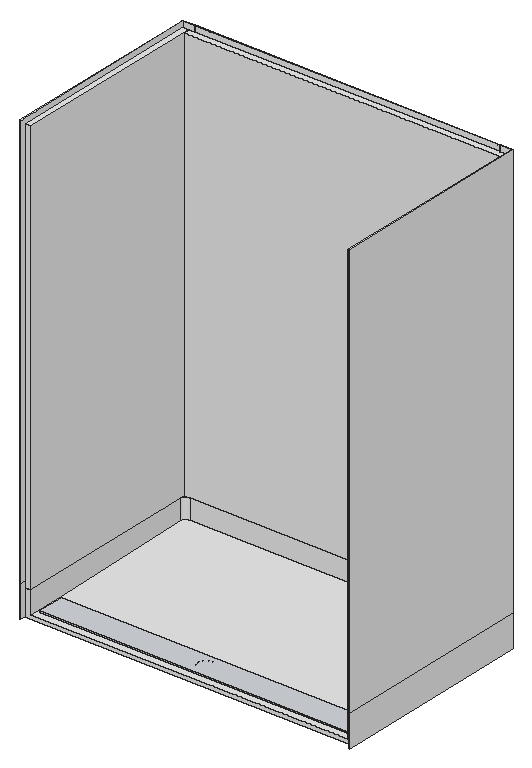
Revit family "5LBS26036FB75FTB.V3,FB2FTB.V3", category Plumbing Fixtures, Revit 2019
Family settings
  Round Connector Dimension = Use Diameter
  Part Type = Normal
  OmniClass Number = 23.45.05.14.17
  OmniClass Title = Showers
  Work Plane-Based = No
  Always vertical = Yes
  Cut with Voids When Loaded = No
  Shared = No
  Room Calculation Point = No
Parameters (values of type "5LBS26036FB75FTB.V3")
  Unit Width = 60"
  Unit Height = 81 1/4"
  Pan Height = 5 3/4"
  Unit Depth = 37"
  URL = "http://www.bestbath.com"
  Type Comments = "Barrier Free"
  Threshold Height = 3/4"
  Model = "5LBS26036FB75FTB.V3"
  Material [instance] = Best Bath Gelcoat Fiberglass - 4x8 Subway Tile
  Manufacturer = "Best Bath Systems, Inc."
  Keynote = "22 40 00.B3"
  Description = "Trench Drain Pan, 4x8 Subway Tile, Beveled Threshold"
  Assembly Code = "D2010710"
Types (3): name | Unit Height | Pan Height | Threshold Height | Model
  (no name) | 81 1/4" | 5 3/4" | 3/4" | "5LBS26036FB75FTB.V3"
  5LBS26036FB75FTB.V3 | 81 1/4" | 5 3/4" | 3/4" | "5LBS26036FB75FTB.V3"
  5LBS26036FB2FTB.V3 | 82 1/2" | 7" | 2" | "5LBS26036FB2FTB.V3"
Reference planes (in)
  plane 1 "Back": y = 6.43613
  plane 2: z = 0
  plane 3 "Left": x = 0
  plane 4: x = 60
  plane 5: z = 4.75
  plane 6: z = 0.75
  plane 7: z = 5.75
  plane 8: x = 30
  plane 9: y = -30.56387
  plane 10: y = -23.31387
  plane 11: z = 1.5
  plane 12: y = -29.56387
  plane 13: y = -25.81387
  plane 14: z = 0.875
  plane 15: y = -25.81387
  plane 16: z = 81.25
  plane 17: z = 80.25
  plane 18: z = 47
Forms (in)
  Extrusion 1, solid, material "Best Bath Gelcoat Fiberglass - Smooth"
    sketch origin (0, 0, 0) x (1, 0, 0) y (0, 1, 0)
      loop
        line (0, 6.43613) -> (0, -30.56387) -> (0.125, -30.56387) -> (0.125, 6.31113) -> (59.875, 6.31113) -> (59.875, -30.56387) -> (60, -30.56387) -> (60, 6.43613) -> (0, 6.43613)
    from 0 to 5.75
  Extrusion 2, solid, material "Best Bath Gelcoat Fiberglass - Smooth"
    sketch origin (0, 0, 0) x (0, 1, 0) y (0, 0, 1)
      loop
        line (-23.31387, 0.75) -> (5.18613, 0.75) -> (5.18613, 1.25) -> (-23.31387, 0.75)
    from 0 to 60
  Extrusion 3, solid, material "Best Bath Gelcoat Fiberglass - Smooth"
    sketch origin (0, 0, 0) x (1, 0, 0) y (0, 1, 0)
      loop
        line (0, 6.43613) -> (0, -29.56387) -> (59.875, -29.56387) -> (59.875, 6.43613) -> (0, 6.43613)
      loop
        circle (30, -25.81387) r 1.5
    from 0 to 0.75
  Extrusion 4, solid, material "Best Bath Gelcoat Fiberglass - Smooth"
    sketch origin (0, 0, 0) x (1, 0, 0) y (0, 1, 0)
      loop
        line (0, 6.43613) -> (0, -29.56387) -> (1.25, -29.56387) -> (1.25, 4.18613)
        arc (1.25, 4.18613) -> (1.54289, 4.89323) -> (2.25, 5.18613) r 1
        line (2.25, 5.18613) -> (57.75, 5.18613)
        arc (57.75, 5.18613) -> (58.45711, 4.89323) -> (58.75, 4.18613) r 1
        line (58.75, 4.18613) -> (58.75, -29.56387) -> (60, -29.56387) -> (60, 6.43613) -> (0, 6.43613)
    from 0 to 4.75
  Extrusion 5, solid
    sketch origin (0, 0, 0) x (1, 0, 0) y (0, 1, 0)
      loop
        line (1.75, -23.31387) -> (1.75, -28.31387) -> (58.25, -28.31387) -> (58.25, -23.31387) -> (1.75, -23.31387)
    from 0.40753 to 0.875
  Extrusion 6, solid, material "Best Bath Gelcoat Fiberglass - Smooth"
    sketch origin (0, 0, 0) x (1, 0, 0) y (0, 1, 0)
      loop
        line (1.25, -29.56387) -> (1.25, 6.31113) -> (0.125, 6.31113) -> (0.125, -29.56387) -> (1.25, -29.56387)
      loop
        line (58.75, -29.56387) -> (59.875, -29.56387) -> (59.875, 6.31113) -> (58.75, 6.31113) -> (58.75, -29.56387)
    from 4.75 to 80.25
  Extrusion 7, solid, material "Best Bath Smoothwall"
    sketch origin (-0.02168, 0, 0) x (1, 0, 0) y (0, 1, 0)
      loop
        line (1.27168, 5.18613) -> (58.77168, 5.18613) -> (58.77168, 6.31113) -> (1.27168, 6.31113) -> (1.27168, 5.18613)
    from 4.75 to 80.25
  Extrusion 8, solid, material "Best Bath Gelcoat Fiberglass - Smooth"
    sketch origin (0, 0, 0) x (1, 0, 0) y (0, 1, 0)
      loop
        line (0, -30.56387) -> (0.125, -30.56387) -> (0.125, 6.31113) -> (2.25, 6.31113) -> (2.25, 6.43613) -> (0, 6.43613) -> (0, -30.56387)
      loop
        line (60, -30.56387) -> (60, 6.43613) -> (57.75, 6.43613) -> (57.75, 6.31113) -> (59.875, 6.31113) -> (59.875, -30.56387) -> (60, -30.56387)
    from 5.75 to 81.25
  Extrusion 9, solid, material "Best Bath Smoothwall"
    sketch origin (-0.02168, 0, 0) x (1, 0, 0) y (0, 1, 0)
      loop
        line (2.25, 6.43613) -> (2.25, 6.31113) -> (57.75, 6.31113) -> (57.75, 6.43613) -> (2.25, 6.43613)
    from 0 to 81.25
Cuts and joins
  joined: Extrusion 1, Extrusion 2, Extrusion 3, Extrusion 4
  joined: Extrusion 6, Extrusion 8
  joined: Extrusion 7, Extrusion 9
Dimensions and locks (in)
  "Unit Width": plane 3 "Left" to plane 4
  "Threshold Height": plane 6 to level
  locked: plane 7 to plane 5 at 1
  "Pan Height": plane 7 to level
  equal spacing: plane 3 "Left", plane 8, plane 4
  "Unit Depth": plane 9 to plane 1 "Back"
  locked: plane 11 to plane 6 at 0.75
  plane 3 "Left" to Extrusion 3 = 59 7/8"
  locked: plane 10 to plane 9 at 7.25
  locked: plane 12 to plane 9 at 1
  plane 13 to plane 9 = 4 3/4"
  locked: plane 14 to plane 6 at 0.125
  locked: plane 10 to plane 15 at 2.5
  "Unit Height": plane 16 to level
  locked: plane 16 to plane 17 at 1
  plane 18 to plane 6 = 46 1/4"
  aligned and locked: level to plane 2
  aligned and locked: Extrusion 2 sketch curve to plane 6
  aligned and locked: plane 6 to Extrusion 3
  aligned and locked: plane 5 to Extrusion 4
  aligned and locked: plane 12 to Extrusion 3 sketch curve
  aligned and locked: plane 12 to Extrusion 4 sketch curve  (x2)
  aligned and locked: plane 7 to Extrusion 1
  aligned and locked: Extrusion 5 sketch curve to plane 10
  aligned and locked: plane 14 to Extrusion 5
  aligned and locked: Extrusion 6 to cut or joined group of Extrusion 1, Extrusion 2, Extrusion 3, Extrusion 4
  aligned and locked: plane 17 to Extrusion 6
  aligned and locked: plane 17 to Extrusion 7
  aligned and locked: plane 16 to Extrusion 8
  aligned and locked: plane 16 to Extrusion 9
  aligned and locked: Extrusion 7 to plane 5
  aligned and locked: Extrusion 8 to plane 7
Automatic sketch dimensions
  plane 3 "Left" to Extrusion 5 sketch curve = 1 3/4"
  plane 4 to Extrusion 5 sketch curve = 1 3/4"
  plane 12 to Extrusion 5 sketch curve = 1 1/4"
  Extrusion 1 sketch curve to plane 3 "Left" = 0"
  Extrusion 1 sketch curve to plane 9 = 0"  (x2)
  Extrusion 1 sketch curve to plane 4 = 0"
  plane 1 "Back" to Extrusion 1 sketch curve = 0"
  plane 3 "Left" to Extrusion 1 sketch curve = 1/8"
  plane 4 to Extrusion 1 sketch curve = 1/8"
  plane 1 "Back" to Extrusion 1 sketch curve = 1/8"
  Extrusion 2 sketch curve to plane 10 = 0"
  Extrusion 2 sketch curve to plane 11 = 1/4"
  plane 1 "Back" to Extrusion 2 sketch curve = 1 1/4"
  Extrusion 3 sketch curve to plane 3 "Left" = 0"
  Extrusion 3 sketch curve to plane 8 = 0"
  plane 1 "Back" to Extrusion 3 sketch curve = 0"
  Extrusion 3 sketch curve to plane 13 = 0"
  plane 4 to Extrusion 3 sketch curve = 1/8"
  plane 1 "Back" to Extrusion 4 sketch curve = 0"
  Extrusion 4 sketch curve to plane 3 "Left" = 0"
  Extrusion 4 sketch curve to plane 4 = 0"
  plane 3 "Left" to Extrusion 4 sketch curve = 1 1/4"
  Extrusion 4 sketch curve to Extrusion 4 sketch curve = 1"
  plane 1 "Back" to Extrusion 4 sketch curve = 1 1/4"
  plane 4 to Extrusion 4 sketch curve = 2 1/4"
  Extrusion 4 sketch curve to Extrusion 4 sketch curve = 1 1/4"
  plane 1 "Back" to Extrusion 7 sketch curve = 1/8"
  plane 3 "Left" to Extrusion 7 sketch curve = 1 1/4"
  plane 4 to Extrusion 7 sketch curve = 1 1/4"
  Extrusion 7 sketch curve to Extrusion 7 sketch curve = 1 1/8"
  plane 1 "Back" to Extrusion 8 sketch curve = 0"  (x2)
  Extrusion 8 sketch curve to plane 3 "Left" = 0"
  Extrusion 8 sketch curve to plane 9 = 0"  (x2)
  Extrusion 8 sketch curve to plane 4 = 0"
  plane 3 "Left" to Extrusion 8 sketch curve = 1/8"
  Extrusion 8 sketch curve to Extrusion 8 sketch curve = 2 1/8"
  plane 1 "Back" to Extrusion 8 sketch curve = 1/8"  (x2)
  plane 4 to Extrusion 8 sketch curve = 2 1/4"
  plane 4 to Extrusion 8 sketch curve = 1/8"
  plane 1 "Back" to Extrusion 9 sketch curve = 0"
  plane 1 "Back" to Extrusion 9 sketch curve = 1/8"
  plane 3 "Left" to Extrusion 9 sketch curve = 2.22832"
  plane 4 to Extrusion 9 sketch curve = 2.27168"
  Extrusion 6 sketch curve to plane 12 = 0"  (x2)
  plane 3 "Left" to Extrusion 6 sketch curve = 1/8"
  plane 1 "Back" to Extrusion 6 sketch curve = 1/8"  (x2)
  Extrusion 6 sketch curve to Extrusion 6 sketch curve = 1 1/8"
  plane 4 to Extrusion 6 sketch curve = 1 1/4"
  plane 4 to Extrusion 6 sketch curve = 1/8"
  radius of Extrusion 3 sketch curve = 1 1/2"
